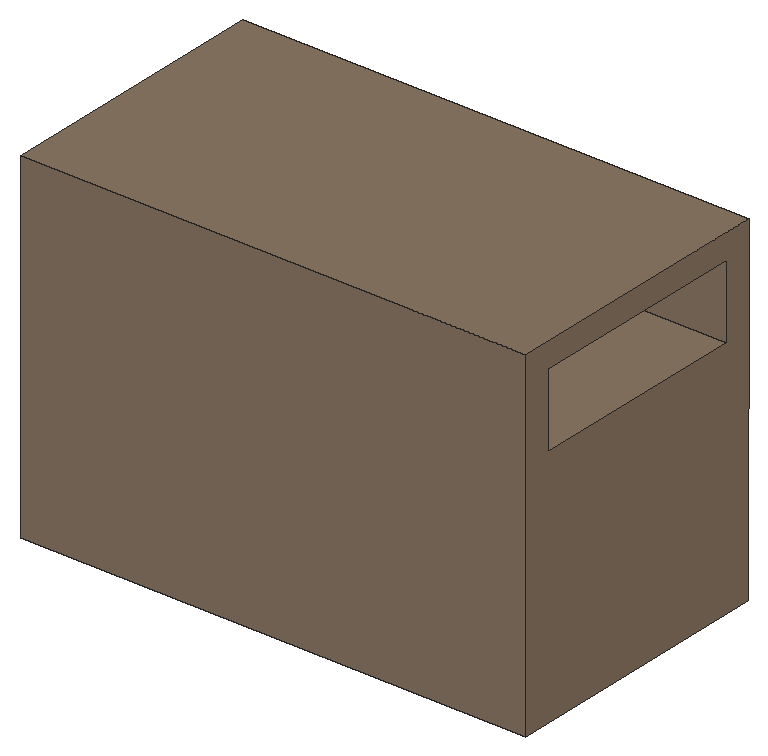
Revit family
Parameters
  URL = "http://www.martinbrattrud.com"
  Table [instance] = none
  SCS Certified Product = "Yes"
  Model = "Bristol 249-02HS"
  Manufacturer = "Martin Brattrud, Inc."
  Keynote = "125000"
  Copyright = "© 2013 Martin Brattrud, Inc."
  Authoring Version = "Revit Architecture 2010"
  Assembly Code = "E2020200"
Reference planes (in)
  plane 1 "Center Front/Back": y = 0
  plane 2: z = 0
  plane 3 "Center Left/Right": x = 0
Forms (in)
  Extrusion 1, solid, material <- "Table"
    sketch origin (0, 0, 0) x (1, 0, 0) y (0, 1, 0)
      loop
        line (-12.75, 7) -> (-12.75, -7) -> (12.75, -7) -> (12.75, 7) -> (-12.75, 7)
    from 4.25 to 21.5
  Extrusion 2, void
    sketch origin (0, 0, 0) x (0, 1, 0) y (0, 0, 1)
      loop
        line (5.62444, 20.25007) -> (-5.62551, 20.25007) -> (-5.62551, 16.50007) -> (5.62444, 16.50007) -> (5.62444, 20.25007)
    from -12.75 to 12.75
Cuts and joins
  Extrusion 2 cuts Extrusion 1
